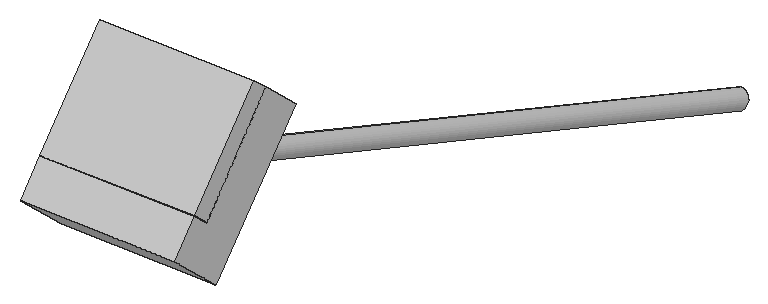
Revit family "SON-RNB-CSH-___-___", category Generic Models, Revit 2017
Family settings
  Can host rebar = No
  Round Connector Dimension = Use Diameter
  Part Type = Normal
  Work Plane-Based = No
  Always vertical = Yes
  Cut with Voids When Loaded = No
  Shared = No
  Room Calculation Point = No
Parameters (values of type "Nail Head_800x800")
  Soil Nail Total Length [instance] = 4000 mm
  Soil Nail Material = Ribbed Reinforcement
  Soil Nail Inclination [instance] = 20.00°
  Soil Nail Head Material = Concrete Grade 30/20
  Soil Nail Dia [instance] = 50 mm
  Nail Head to Pivot [instance] = (Nail Head Width * -1 - 50 mm - 82 mm) / cos(Nail Head Angle - Soil Nail Inclination)  # 125.573 mm
  Nail Head Hessian Bag Fill = Soil Mix
  Nail Head Angle [instance] = 40.00°
  Hole Fill Material = Cement Grout
  Nail Head Width = -250 mm
  Nail Head Length = 800 mm
  Hole Dia [instance] = 100 mm
  Corrosion Protection Layer Material = Corrugated Sheath
  Corrosion Protection Dia.Outer [instance] = Corrosion Protection Dia. + 5 mm  # 75 mm
  Corrosion Protection Layer [instance] = no
  Corrosion Protection Dia. [instance] = Soil Nail Dia + 20 mm  # 70 mm
Types (4, lengths in mm): name | Nail Head Length
  (no name) | 800
  Nail Head_400x400 | 400
  Nail Head_600x600 | 600
  Nail Head_800x800 | 800
Reference planes
  plane 1 "Center (Front/Back)": y = 0
  plane 2: z = 0
  plane 3 "Center (Left/Right)": x = 0
Forms (mm)
  Extrusion 1, solid, material "Concrete Grade 30/20" <- "Soil Nail Head Material"
    sketch origin (0, 180.816, -95.657) x (1, 0, 0) y (0, -0.642788, -0.766044)
      loop
        line (400, -400) -> (400, 400) -> (-400, 400) -> (-400, -400) -> (400, -400)
    from 0 to -250 <- "Nail Head Width"
  Sweep 2, solid, material "Ribbed Reinforcement" <- "Soil Nail Material"
    path in 3D
      loop
        line (0, 0, 0) -> (0, 3758.77, -1368.081)
    profile origin (0, 1879.385, -684.04) x (0, 0.34202, 0.939693) y (1, 0, 0)
      loop
        circle (0, 0) r 25
  Sweep 3, solid, material "Cement Grout" <- "Hole Fill Material"
    path in 3D
      loop
        line (0, 135.364, -49.268) -> (0, 3805.755, -1385.182)
    profile origin (0, 1970.56, -717.225) x (0, 0.34202, 0.939693) y (1, 0, 0)
      loop
        circle (0, 0) r 50
      loop
        circle (0, 0) r 25
  Sweep 4, solid, material "Corrugated Sheath" <- "Corrosion Protection Layer Material", visible <- "Corrosion Protection Layer"
    path in 3D
      loop
        line (0, 135.364, -49.268) -> (0, 3805.755, -1385.182)
    profile origin (0, 1970.56, -717.225) x (0, 0.34202, 0.939693) y (1, 0, 0)
      loop
        circle (0, 0) r 37.5
      loop
        circle (0, 0) r 35
  Extrusion 5, solid, material "Concrete Grade 30/20" <- "Soil Nail Head Material"
    sketch origin (0, -10.695, 65.04) x (-1, 0, 0) y (0, -0.642788, -0.766044)
      loop
        line (400, 400) -> (-400, 400) -> (-400, 200) -> (400, 200) -> (400, 400)
    from 0 to 100
  Extrusion 6, solid, material "Soil Mix" <- "Nail Head Hessian Bag Fill"
    sketch origin (0, -10.695, 65.04) x (-1, 0, 0) y (0, -0.642788, -0.766044)
      loop
        line (400, -400) -> (400, 200) -> (-400, 200) -> (-400, -400) -> (400, -400)
    from 0 to 100
Cuts and joins
  joined: Extrusion 1, Extrusion 5
Lines and regions (mm)
  reference lines
    curve 1: line (0, 0, 0) -> (0, 118, -42.948)
    curve 2: line (0, 118, -42.948) -> (0, 180.943, -42.948)
    curve 3: line (0, 118, -42.948) -> (0, 180.816, -95.657)
    curve 4: line (0, 0, 0) -> (0, 3758.77, -1368.081)
  sketch lines
    curve 5: line (0, 0, 0) -> (0, 3758.77, -1368.081)
    curve 6: line (0, 135.364, -49.268) -> (0, 3805.755, -1385.182)
    curve 7: line (0, 135.364, -49.268) -> (0, 3805.755, -1385.182)
Dimensions and locks
  "Nail Head to Pivot": curve 1 to curve 1
  "Nail Head Length": Extrusion 1 sketch curve to Extrusion 1 sketch curve  (x2)
  equal spacing: Extrusion 1 sketch curve, curve 3, Extrusion 1 sketch curve  (x2)
  "Soil Nail Total Length": curve 4 to curve 4
  Extrusion 1 to curve 4 = 50 mm
  locked: Extrusion 1 to Extrusion 5 sketch curve at 200
  "Soil Nail Dia": diameter of Sweep 2 sketch curve
  "Soil Nail Dia": diameter of Sweep 3 sketch curve
  "Hole Dia": diameter of Sweep 3 sketch curve
  "Corrosion Protection Dia.": diameter of Sweep 4 sketch curve
  "Corrosion Protection Dia.Outer": diameter of Sweep 4 sketch curve
  "Soil Nail Inclination": angle curve 1 to level
  "Nail Head Angle": angle curve 3 to curve 2
  "Soil Nail Inclination": angle curve 4 to level
  aligned and locked: level to plane 2
Automatic sketch dimensions
  Extrusion 1 to Extrusion 5 sketch curve = 0 mm
  Extrusion 5 sketch curve to Extrusion 1 = 0 mm  (x2)
  Extrusion 6 sketch curve to Extrusion 1 = 0 mm  (x3)
  Extrusion 6 sketch curve to Extrusion 1 = 200 mm
  curve 4 to level = 0 mm
  curve 4 to plane 1 "Center (Front/Back)" = 0 mm
  Sweep 2 sketch curve to profile plane = 0 mm  (x2)
  Sweep 3 sketch curve to Sweep 3 sketch curve = 0 mm  (x2)
  Sweep 3 sketch curve to profile plane = 0 mm  (x2)
  Sweep 4 sketch curve to Sweep 4 sketch curve = 0 mm  (x2)
  Sweep 4 sketch curve to profile plane = 0 mm  (x2)
Nested families
  nested 1: "SON-RNB-CSH-___-___-SYM" at (0, 0, 0), type "SON-RNB-CSH-___-___-SYM"
Definition of nested family "SON-RNB-CSH-___-___-SYM"
  Reference planes
    plane 1: y = 0
    plane 2: x = 0
  Lines and regions (mm)
    detail lines
      curve 1: line (0.75, 0.75, 0) -> (0.75, -0.75, 0)
      curve 2: line (-0.75, 0.75, 0) -> (-0.75, -0.75, 0)
      curve 3: line (-0.75, 0.75, 0) -> (0.75, 0.75, 0)
      curve 4: line (-0.75, -0.75, 0) -> (0.75, -0.75, 0)
      curve 7: line (3.137, -0.75, 0) -> (3.137, 0.75, 0)
      curve 8: line (4.137, 0.75, 0) -> (4.137, -0.75, 0)
      curve 9: line (3.137, 0.75, 0) -> (4.137, -0.75, 0)
    reference lines
      curve 5: line (1.75, -0.75, 0) -> (1.75, 1.882, 0)
      curve 6: line (2.75, -0.972, 0) -> (2.75, 1.882, 0)
      curve 10: line (2.75, 0.75, 0) -> (1.4, 0.75, 0)
      curve 11: line (2.75, -0.75, 0) -> (1.511, -0.75, 0)
  Nested families
    nested 1: "Sign Pole 2D" at (2.259, -0.033, 0), type "Sign Pole 2D"
  Definition of nested family "Sign Pole 2D"
    Reference planes
      plane 1: y = 0
      plane 2: x = 0
    Lines and regions (mm)
      detail lines
        curve 1: arc (-0.409, 0.38, 0) -> (-0.004, 0.785, 0) -> (0.401, 0.38, 0) r 0.405
        curve 2: arc (0.396, -0.36, 0) -> (-0.028, -0.724, 0) -> (-0.413, -0.32, 0) r 0.405
        curve 3: arc (-0.409, 0.38, 0) -> (-0.402, 0.279, 0) -> (-0.38, 0.179, 0) r 0.707
        curve 4: arc (0.396, -0.36, 0) -> (0.394, -0.269, 0) -> (0.38, -0.179, 0) r 0.707
        curve 5: line (-0.38, 0.179, 0) -> (0.38, -0.179, 0)
